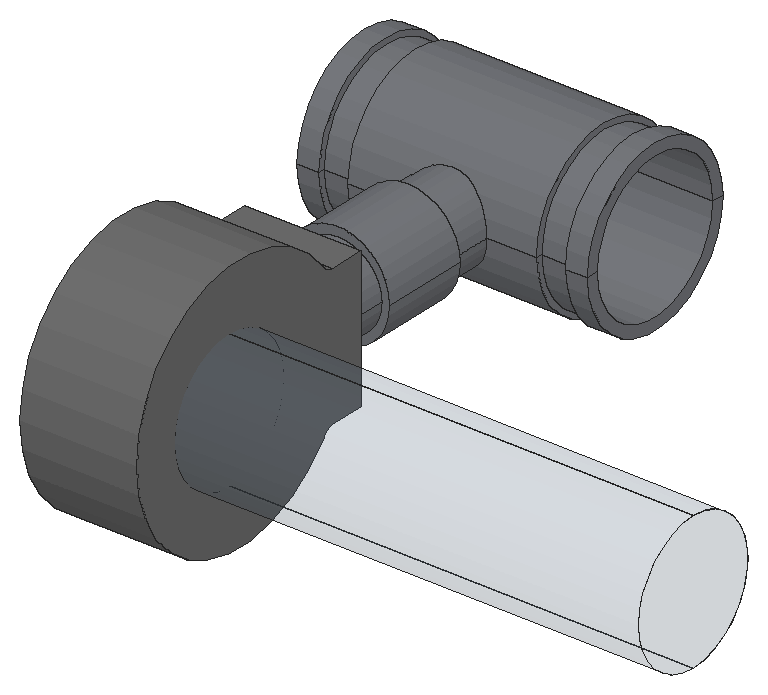
Revit family "MECON Turbo-Lux 3", category Rohrzubehör, Revit 2023
Family settings
  Bemaßung runder Anschluss = Radius verwenden
  Teiletyp = Ventil - Zerlegung in
  OmniClass-Nummer = 23.60.10.17
  OmniClass-Titel = Flow Meters
  Arbeitsebenenbasiert = Nein
  Immer vertikal = Ja
  Beim Laden mit Abzugskörper schneiden = Nein
  Gemeinsam genutzt = Nein
Parameters (values of type "2"/ DN 50, 50 USgpm (ø60.3 mm)")
  l2 [instance] = 151.00 mm
  iVdS = yes
  iR1 = Nominal_Radius + 4.00 mm  # 29.00 mm
  iLPCB = yes
  iFd [instance] = not(Toggle Flow Direction)  # yes
  iFM = 1 = 1  # yes
  iD2 = Nominal_Diameter / 2 + 90.00 mm  # 115.00 mm
  iD [instance] = 0.00 mm  # constant formula
  iA1 [instance] = if(Angle > 360.00°, 360.00°, if(Angle < 0.00°, 0.00°, Angle))  # 90.00°
  Website Product = "https://www.mecon.de/en/orifice-flow-meters/turbo-lux-3/"
  Vorgabe-Ansicht = 0.00 mm
  VdS approved [instance] = iVdS  # yes
  VdS Approval = "https://www.mecon.de/files/daten/downloads/en/Turbo-Lux-3-VdS-Certificate.pdf"
  URL = "https://www.mecon.de/en"
  Typenkommentare = "2\"/ DN 50, 50 gpm (ø60.3 mm) FM/LPCP/VdS"
  Toggle Flow Direction [instance] = no
  Technical Data Sheet = "https://www.mecon.de/files/daten/downloads/en/%20Turbo-Lux-3-Technical-Data-Sheet.pdf"
  Tag-No. [instance] = ""
  Serial Number [instance] = ""
  RVTversion [instance] = "2017"  # constant formula
  Order Code = "7ME5835-0AA00-0EB0"
  Operating Manual = "https://www.mecon.de/files/daten/downloads/en/Turbo-Lux-3-Manual.pdf"
  Nominal_Radius = Nominal_Diameter / 2  # 25 mm
  Nominal_Diameter = 50 mm
  Modell = "2\"/ DN 50 for pump rate 50 gpm (ø 60,3 mm) with FM, LPCB and VdS approval"
  LPCB approved [instance] = iLPCB  # yes
  LPCB Certificate = "https://www.mecon.de/files/daten/downloads/en/Turbo-Lux-3-LPCB-Certificate.pdf"
  Index [instance] = "20200330"  # constant formula
  IfcExportType = "FLOWMETER"  # constant formula
  IfcExportAs = "IfcFlowMeter"  # constant formula
  Hersteller = "MECON GmbH, Röntgenstraße 105, 50169 Kerpen, Germany"  # constant formula
  Grey = Metal - grey
  Glass = Glass-
  Flow Range = "75 - 375 l/min / 20 - 100 USgpm"
  FM approved [instance] = iFM  # yes
  FM Certificate = "https://www.mecon.de/files/daten/downloads/en/Turbo-Lux-3-FM-Certificate.pdf"
  Druckverlust [instance] = 0.0 Pa
  Download Test Certificate = "https://download.mecon.de/downloads-en"
  Display_Couplings [instance] = no
  Delivery Time = "in stock"  # constant formula
  Build in Length = 100.00 mm
  Dark Grey = Metal - RAL7024
  Black = Metal - black
  Approval = "FM, LPCB,VdS"
  Angle [instance] = 90.00°
Types (25, lengths in mm): name | iVdS | iR1 | iLPCB | iD2 | VdS approved | VdS Approval | Typenkommentare | Order Code | Nominal_Radius | Nominal_Diameter | Modell | LPCB approved | LPCB Certificate | Flow Range | Build in Length | Approval
  6"/ DN 150, 1000 USgpm (ø165.1 mm) | yes | 79.00 | yes | 165.00 | yes | "https://www.mecon.de/files/daten/downloads/en/Turbo-Lux-3-VdS-Certificate.pdf" | "6\"/ DN  150, 1000 gpm (ø165.1 mm) FM/LPCP/VdS" | "7ME5835-0AA00-0XM0" | 75 | 150 | "6\"/ DN  150 for pump rate 1000 gpm (ø 165,1 mm) with FM, LPCB and VdS approval" | yes | "https://www.mecon.de/files/daten/downloads/en/Turbo-Lux-3-LPCB-Certificate.pdf" | "1500 - 7500 l/min / 400 - 2000 USgpm" | 200.00 | "FM, LPCB,VdS"
  6"/ DN 150, 750 USgpm (ø165.1 mm) | yes | 79.00 | yes | 165.00 | yes | "https://www.mecon.de/files/daten/downloads/en/Turbo-Lux-3-VdS-Certificate.pdf" | "6\"/ DN  150, 750 gpm (ø165.1 mm) FM/LPCP/VdS" | "7ME5835-0AA00-0XL0" | 75 | 150 | "6\"/ DN  150 for pump rate 750 gpm (ø 165,1 mm) with FM, LPCB and VdS approval" | yes | "https://www.mecon.de/files/daten/downloads/en/Turbo-Lux-3-LPCB-Certificate.pdf" | "1130 - 5650 l/min / 300 - 1500 USgpm" | 200.00 | "FM, LPCB,VdS"
  6"/ DN 150, 500 USgpm (ø165.1 mm) | yes | 79.00 | yes | 165.00 | yes | "https://www.mecon.de/files/daten/downloads/en/Turbo-Lux-3-VdS-Certificate.pdf" | "6\"/ DN  150, 500 gpm (ø165.1 mm) FM/LPCP/VdS" | "7ME5835-0AA00-0XK0" | 75 | 150 | "6\"/ DN  150 for pump rate 500 gpm (ø 165,1 mm) with FM, LPCB and VdS approval" | yes | "https://www.mecon.de/files/daten/downloads/en/Turbo-Lux-3-LPCB-Certificate.pdf" | "760 - 3800 l/min / 200 - 1000 USgpm" | 200.00 | "FM, LPCB,VdS"
  6"/ DN 150, 1000 USgpm (ø168.3 mm) | yes | 79.00 | yes | 165.00 | yes | "https://www.mecon.de/files/daten/downloads/en/Turbo-Lux-3-VdS-Certificate.pdf" | "6\"/ DN  150, 1000 gpm (ø168.3 mm) FM/LPCP/VdS" | "7ME5835-0AA00-0KM0" | 75 | 150 | "6\"/ DN  150 for pump rate 1000 gpm (ø 168,3 mm) with FM, LPCB and VdS approval" | yes | "https://www.mecon.de/files/daten/downloads/en/Turbo-Lux-3-LPCB-Certificate.pdf" | "1500 - 7500 l/min / 400 - 2000 USgpm" | 200.00 | "FM, LPCB,VdS"
  6"/ DN 150, 750 USgpm (ø168.3 mm) | yes | 79.00 | yes | 165.00 | yes | "https://www.mecon.de/files/daten/downloads/en/Turbo-Lux-3-VdS-Certificate.pdf" | "6\"/ DN  150, 750 gpm (ø168.3 mm) FM/LPCP/VdS" | "7ME5835-0AA00-0KL0" | 75 | 150 | "6\"/ DN  150 for pump rate 750 gpm (ø 168,3 mm) with FM, LPCB and VdS approval" | yes | "https://www.mecon.de/files/daten/downloads/en/Turbo-Lux-3-LPCB-Certificate.pdf" | "1130 - 5650 l/min / 300 - 1500 USgpm" | 200.00 | "FM, LPCB,VdS"
  6"/ DN 150, 500 USgpm (ø168.3 mm) | yes | 79.00 | yes | 165.00 | yes | "https://www.mecon.de/files/daten/downloads/en/Turbo-Lux-3-VdS-Certificate.pdf" | "6\"/ DN  150, 500 gpm (ø168.3 mm) FM/LPCP/VdS" | "7ME5835-0AA00-0KK0" | 75 | 150 | "6\"/ DN  150 for pump rate 500 gpm (ø 168,3 mm) with FM, LPCB and VdS approval" | yes | "https://www.mecon.de/files/daten/downloads/en/Turbo-Lux-3-LPCB-Certificate.pdf" | "760 - 3800 l/min / 200 - 1000 USgpm" | 200.00 | "FM, LPCB,VdS"
  4"/ DN 100, 450 USgpm (ø114.3 mm) | yes | 54.00 | yes | 140.00 | yes | "https://www.mecon.de/files/daten/downloads/en/Turbo-Lux-3-VdS-Certificate.pdf" | "4\"/ DN  100, 450 gpm (ø114.3 mm) FM/LPCP/VdS" | "7ME5835-0AA00-0HJ0" | 50 | 100 | "4\"/ DN  100 for pump rate 450 gpm (ø 114,3 mm) with FM, LPCB and VdS approval" | yes | "https://www.mecon.de/files/daten/downloads/en/Turbo-Lux-3-LPCB-Certificate.pdf" | "680 - 3400 l/min / 180 - 900 USgpm" | 100.00 | "FM, LPCB,VdS"
  4"/ DN 100, 400 USgpm (ø114.3 mm) | yes | 54.00 | yes | 140.00 | yes | "https://www.mecon.de/files/daten/downloads/en/Turbo-Lux-3-VdS-Certificate.pdf" | "4\"/ DN  100, 400 gpm (ø114.3 mm) FM/LPCP/VdS" | "7ME5835-0AA00-0HH0" | 50 | 100 | "4\"/ DN  100 for pump rate 400 gpm (ø 114,3 mm) with FM, LPCB und VdS approval" | yes | "https://www.mecon.de/files/daten/downloads/en/Turbo-Lux-3-LPCB-Certificate.pdf" | "600 - 3000 l/min / 160 - 800 USgpm" | 100.00 | "FM, LPCB,VdS"
  4"/ DN 100, 300 USgpm (ø114.3 mm) | yes | 54.00 | yes | 140.00 | yes | "https://www.mecon.de/files/daten/downloads/en/Turbo-Lux-3-VdS-Certificate.pdf" | "4\"/ DN  100, 300 gpm (ø114.3 mm) FM/LPCP/VdS" | "7ME5835-0AA00-0HG0" | 50 | 100 | "4\"/ DN  100 for pump rate 300 gpm (ø 114,3 mm) with FM, LPCB and VdS approval" | yes | "https://www.mecon.de/files/daten/downloads/en/Turbo-Lux-3-LPCB-Certificate.pdf" | "460 - 2300 l/min / 120 - 600 USgpm" | 100.00 | "FM, LPCB,VdS"
  3"/ DN 80, 200 USgpm (ø88.9 mm) | yes | 44.00 | yes | 130.00 | yes | "https://www.mecon.de/files/daten/downloads/en/Turbo-Lux-3-VdS-Certificate.pdf" | "3\"/ DN 80 200 gpm (ø88.9 mm) FM/LPCP/VdS" | "7ME5835-0AA00-0GE0" | 40 | 80 | "3\"/ DN 80 for pump rate 200 gpm (ø 88,9 mm) with FM, LPCB and VdS approval" | yes | "https://www.mecon.de/files/daten/downloads/en/Turbo-Lux-3-LPCB-Certificate.pdf" | "300 - 1500 l/min / 80 - 400 USgpm" | 100.00 | "FM, LPCB,VdS"
  3"/ DN 80, 150 USgpm (ø88.9 mm) | yes | 44.00 | yes | 130.00 | yes | "https://www.mecon.de/files/daten/downloads/en/Turbo-Lux-3-VdS-Certificate.pdf" | "3\"/ DN 80, 150 gpm (ø88.9 mm) FM/LPCP/VdS" | "7ME5835-0AA00-0GD0" | 40 | 80 | "3\"/ DN 80 for pump rate 150 gpm (ø 88,9 mm) with FM, LPCB and VdS approval" | yes | "https://www.mecon.de/files/daten/downloads/en/Turbo-Lux-3-LPCB-Certificate.pdf" | "220 - 1100 l/min / 60 - 300 USgpm" | 100.00 | "FM, LPCB,VdS"
  2½"/ DN 65, 100 USgpm (ø73.0 mm) | no | 36.50 | no | 122.50 | no | "" | "2½\"/ DN 65, 100 gpm (ø73.0 mm) FM" | "7ME5835-0AA00-0UC0" | 32.5 | 65 | "2½\"/ DN 65 for pump rate 100 gpm (ø 73,0 mm) with FM approval" | no | "" | "150 - 750 l/min / 40 - 200 USgpm" | 100.00 | "FM"
  2½"/ DN 65, 100 USgpm (ø76.1 mm) | yes | 36.50 | yes | 122.50 | yes | "https://www.mecon.de/files/daten/downloads/en/Turbo-Lux-3-VdS-Certificate.pdf" | "2½\"/ DN 65, 100 gpm (ø76.1 mm)  FM/LPCP/VdS" | "7ME5835-0AA00-0FC0" | 32.5 | 65 | "2½\"/ DN 65 for pump rate 100 gpm (ø 76,1 mm)  with FM, LPCB and VdS approval" | yes | "https://www.mecon.de/files/daten/downloads/en/Turbo-Lux-3-LPCB-Certificate.pdf" | "150 - 750 l/min / 40 - 200 USgpm" | 100.00 | "FM, LPCB,VdS"
  2"/ DN 50, 50 USgpm (ø60.3 mm) | yes | 29.00 | yes | 115.00 | yes | "https://www.mecon.de/files/daten/downloads/en/Turbo-Lux-3-VdS-Certificate.pdf" | "2\"/ DN 50, 50 gpm (ø60.3 mm) FM/LPCP/VdS" | "7ME5835-0AA00-0EB0" | 25 | 50 | "2\"/ DN 50 for pump rate 50 gpm (ø 60,3 mm) with FM, LPCB and VdS approval" | yes | "https://www.mecon.de/files/daten/downloads/en/Turbo-Lux-3-LPCB-Certificate.pdf" | "75 - 375 l/min / 20 - 100 USgpm" | 100.00 | "FM, LPCB,VdS"
  4"/ DN 100, 250 USgpm (ø114.3 mm) | yes | 54.00 | yes | 140.00 | yes | "https://www.mecon.de/files/daten/downloads/en/Turbo-Lux-3-VdS-Certificate.pdf" | "4\" / DN 100, 250 gpm (ø114.3 mm) FM/LPCP/VdS" | "7ME5835-0AA00-0HF0" | 50 | 100 | "4\"/ DN  100 for pump rate 250 gpm (ø 114,3 mm) with FM, LPCB and VdS approval" | yes | "https://www.mecon.de/files/daten/downloads/en/Turbo-Lux-3-LPCB-Certificate.pdf" | "380 - 1900 l/min / 100 - 500 USgpm" | 100.00 | "FM, LPCB,VdS"
  6"/ DN 150, 1250 USgpm (ø168.3 mm) | yes | 79.00 | yes | 165.00 | yes | "https://www.mecon.de/files/daten/downloads/en/Turbo-Lux-3-VdS-Certificate.pdf" | "6\"/ DN  150, 1250 gpm (ø168.3 mm) FM/LPCP/VdS" | "7ME5835-0AA00-0KN0" | 75 | 150 | "6\"/ DN  150 for pump rate 1250 gpm (ø 168,3 mm) with FM, LPCB and VdS approval" | yes | "https://www.mecon.de/files/daten/downloads/en/Turbo-Lux-3-LPCB-Certificate.pdf" | "1900 - 9500 l/min / 500 - 2500 USgpm" | 200.00 | "FM, LPCB,VdS"
  6"/ DN 150, 1250 USgpm (ø165.1 mm) | yes | 79.00 | yes | 165.00 | yes | "https://www.mecon.de/files/daten/downloads/en/Turbo-Lux-3-VdS-Certificate.pdf" | "6\"/ DN  150, 1250 gpm (ø165.1 mm) FM/LPCP/VdS" | "7ME5835-0AA00-0XN0" | 75 | 150 | "6\"/ DN  150 for pump rate 1250 gpm (ø 165,1 mm) with FM, LPCB and VdS approval" | yes | "https://www.mecon.de/files/daten/downloads/en/Turbo-Lux-3-LPCB-Certificate.pdf" | "1900 - 9500 l/min / 500 - 2500 USgpm" | 200.00 | "FM, LPCB,VdS"
  8"/ DN 200, 1500 USgpm (ø219.1 mm) | yes | 104.00 | yes | 190.00 | yes | "https://www.mecon.de/files/daten/downloads/en/Turbo-Lux-3-VdS-Certificate.pdf" | "8\"/ DN  200, 1500 gpm (ø219.1 mm) FM/LPCP/VdS" | "7ME5835-0AA00-0LP0" | 100 | 200 | "8\"/ DN  200 for pump rate 1500 gpm (ø 219,1 mm) with FM, LPCB and VdS approval" | yes | "https://www.mecon.de/files/daten/downloads/en/Turbo-Lux-3-LPCB-Certificate.pdf" | "2200 - 11000 l/min / 600 - 3000 USgpm" | 200.00 | "FM, LPCB,VdS"
  8"/ DN 200, 2000 USgpm (ø219.1 mm) | yes | 104.00 | yes | 190.00 | yes | "https://www.mecon.de/files/daten/downloads/en/Turbo-Lux-3-VdS-Certificate.pdf" | "8\"/ DN  200, 2000 gpm (ø219.1 mm) FM/LPCP/VdS" | "7ME5835-0AA00-0LQ0" | 100 | 200 | "8\"/ DN  200 for pump rate 2000 gpm (ø 219,1 mm) with FM, LPCB and VdS approval" | yes | "https://www.mecon.de/files/daten/downloads/en/Turbo-Lux-3-LPCB-Certificate.pdf" | "3000 - 15000 l/min / 800 - 4000 USgpm" | 200.00 | "FM, LPCB,VdS"
  8"/ DN 200, 2500 USgpm (ø219.1 mm) | yes | 104.00 | yes | 190.00 | yes | "https://www.mecon.de/files/daten/downloads/en/Turbo-Lux-3-VdS-Certificate.pdf" | "8\"/ DN  200, 2500 gpm (ø219.1 mm) FM/LPCP/VdS" | "7ME5835-0AA00-0LR0" | 100 | 200 | "8\"/ DN  200 for pump rate 2500 gpm (ø 219,1 mm) with FM, LPCB and VdS approval" | yes | "https://www.mecon.de/files/daten/downloads/en/Turbo-Lux-3-LPCB-Certificate.pdf" | "3800 - 19000 l/min / 1000 - 5000 USgpm" | 200.00 | "FM, LPCB,VdS"
  8"/ DN 200, 3000 USgpm (ø219.1 mm) | yes | 104.00 | yes | 190.00 | yes | "https://www.mecon.de/files/daten/downloads/en/Turbo-Lux-3-VdS-Certificate.pdf" | "8\"/ DN  200, 3000 gpm (ø219.1 mm) FM/LPCP/VdS" | "7ME5835-0AA00-0LS0" | 100 | 200 | "8\"/ DN  200 for pump rate 3000 gpm (ø 219,1 mm) with FM, LPCB and VdS approval" | yes | "https://www.mecon.de/files/daten/downloads/en/Turbo-Lux-3-LPCB-Certificate.pdf" | "4500 - 22500 l/min / 1200 - 6000 USgpm" | 200.00 | "FM, LPCB,VdS"
  10"/ DN 250, 3500 USgpm (ø273.0 mm) | no | 129.00 | no | 215.00 | no | "" | "10\"/ DN  250, 3500 gpm (ø273.0 mm) FM" | "7ME5835-0AA00-0MT0" | 125 | 250 | "10\"/ DN  250 for pump rate 3500 gpm (ø 273,0 mm) with FM approval" | no | "" | "5300 - 26500 l/min / 1400 - 7000 USgpm" | 200.00 | "FM"
  10"/ DN 250, 4000 USgpm (ø273.0 mm) | no | 129.00 | no | 215.00 | no | "" | "10\"/ DN  250, 4000 gpm (ø273.0 mm) FM" | "7ME5835-0AA00-0MU0" | 125 | 250 | "10\"/ DN  250 for pump rate 4000 gpm (ø 273,0 mm) with FM approval" | no | "" | "6000 - 30000 l/min / 1600 - 8000 USgpm" | 200.00 | "FM"
  10"/ DN 250, 4500 USgpm (ø273.0 mm) | no | 129.00 | no | 215.00 | no | "" | "10\"/ DN  250, 4500 gpm (ø273.0 mm) FM" | "7ME5835-0AA00-0MV0" | 125 | 250 | "10\"/ DN  250 for pump rate 4500 gpm (ø 273,0 mm) with FM approval" | no | "" | "6800 - 34000 l/min / 1800 - 9000 USgpm" | 200.00 | "FM"
  12"/ DN 300, 5000 USgpm (ø323.9 mm) | no | 154.00 | no | 240.00 | no | "" | "12\"/ DN  300, 5000 gpm (ø323.9 mm) FM" | "7ME5835-0AA00-0NW0" | 150 | 300 | "12\"/ DN  300 for pump rate 5000 gpm (ø 323,9 mm) with FM approval" | no | "" | "7600 - 38000 l/min / 2000 - 10000 USgpm" | 200.00 | "FM"
Reference planes
  plane 1 "Mitte (Vorne/hinten)": y = 0
  plane 2: z = 0
  plane 3 "Mitte (Links/rechts)": x = 0
  plane 4 "connL": x = -50
  plane 5 "connR": x = 50
  plane 6: x = -50
  plane 7: x = 50
  plane 8: y = -89
  plane 9 "iR1": y = -29
  plane 10: y = -25
  plane 11: y = -44
  plane 12: y = -74
  plane 13: y = 25
  plane 14: y = -115
  plane 15: y = 115
  plane 16: y = 411.757
  plane 17: y = 100
  plane 18: y = 115
  plane 19: y = -115
Forms (mm)
  Extrusion 1, solid, material "Metal - RAL7024" <- "Dark Grey", detail levels fine
    sketch origin (0, -29, 0) x (-1, 0, 0) y (0, 0, 1)
      loop
        circle (0, 0) r 15
    from 4 to -60
  Extrusion 2, solid, material "Metal - RAL7024" <- "Dark Grey", detail levels fine
    sketch origin (0, -29, 0) x (-1, 0, 0) y (0, 0, 1)
      loop
        circle (0, 0) r 18
    from -45 to -15
  Revolve 3, solid, material "Metal - RAL7024" <- "Dark Grey", detail levels fine
    sketch origin (0, 0, 0) x (1, 0, 0) y (0, 1, 0)
      loop
        line (-50, 29) -> (-50, 25) -> (50, 25) -> (50, 29) -> (42.5, 29) -> (42.5, 27) -> (32.5, 27) -> (32.5, 29) -> (-32.5, 29) -> (-32.5, 27) -> (-42.5, 27) -> (-42.5, 29) -> (-50, 29)
      axis (50, 0) -> (-50, 0)
    angle from 0 to 360
Lines and regions (mm)
  symbolic lines, style "Flow Direction Symbol", visible <- "Toggle Flow Direction"
    curve 1: line (0, -122.5, 0) -> (0, -107.5, 0)
    curve 9: line (0, -122.5, 0) -> (-30, -122.5, 0)
    curve 10: line (-30, -132.5, 0) -> (-47.5, -115, 0)
    curve 11: line (-30, -122.5, 0) -> (-30, -132.5, 0)
    curve 12: line (0, -107.5, 0) -> (-30, -107.5, 0)
    curve 13: line (-30, -97.5, 0) -> (-47.5, -115, 0)
    curve 14: line (-30, -107.5, 0) -> (-30, -97.5, 0)
  symbolic lines, style "Flow Direction Symbol", visible <- "iFd"
    curve 2: line (0, -122.5, 0) -> (30, -122.5, 0)
    curve 3: line (30, -132.5, 0) -> (47.5, -115, 0)
    curve 4: line (30, -122.5, 0) -> (30, -132.5, 0)
    curve 5: line (0, -107.5, 0) -> (30, -107.5, 0)
    curve 6: line (30, -97.5, 0) -> (47.5, -115, 0)
    curve 7: line (30, -107.5, 0) -> (30, -97.5, 0)
    curve 8: line (0, -122.5, 0) -> (0, -107.5, 0)
  model lines, style "Flow Direction Symbol"
    curve 15: line (0, 107.5, 0) -> (0, 122.5, 0)
  model lines, style "Flow Direction Symbol", visible <- "iFd"
    curve 16: line (0, 107.5, 0) -> (30, 107.5, 0)
    curve 17: line (30, 97.5, 0) -> (47.5, 115, 0)
    curve 18: line (30, 107.5, 0) -> (30, 97.5, 0)
    curve 19: line (0, 122.5, 0) -> (30, 122.5, 0)
    curve 20: line (30, 132.5, 0) -> (47.5, 115, 0)
    curve 21: line (30, 122.5, 0) -> (30, 132.5, 0)
  model lines, style "Flow Direction Symbol", visible <- "Toggle Flow Direction"
    curve 22: line (0, 107.5, 0) -> (0, 122.5, 0)
    curve 23: line (0, 107.5, 0) -> (-30, 107.5, 0)
    curve 24: line (-30, 97.5, 0) -> (-47.5, 115, 0)
    curve 25: line (-30, 107.5, 0) -> (-30, 97.5, 0)
    curve 26: line (0, 122.5, 0) -> (-30, 122.5, 0)
    curve 27: line (-30, 132.5, 0) -> (-47.5, 115, 0)
    curve 28: line (-30, 122.5, 0) -> (-30, 132.5, 0)
  model lines, style "Flow Direction Symbol", not visible
    curve 29: line (0, 419.257, 100) -> (0, 404.257, 100)
  model lines, style "Flow Direction Symbol", visible <- "iFd", not visible
    curve 30: line (0, 419.257, 100) -> (30, 419.257, 100)
    curve 31: line (30, 429.257, 100) -> (47.5, 411.757, 100)
    curve 32: line (30, 419.257, 100) -> (30, 429.257, 100)
    curve 33: line (0, 404.257, 100) -> (30, 404.257, 100)
    curve 34: line (30, 394.257, 100) -> (47.5, 411.757, 100)
    curve 35: line (30, 404.257, 100) -> (30, 394.257, 100)
  model lines, style "Flow Direction Symbol", visible <- "Toggle Flow Direction", not visible
    curve 36: line (0, 419.257, 100) -> (0, 404.257, 100)
    curve 37: line (0, 419.257, 100) -> (-30, 419.257, 100)
    curve 38: line (-30, 429.257, 100) -> (-47.5, 411.757, 100)
    curve 39: line (-30, 419.257, 100) -> (-30, 429.257, 100)
    curve 40: line (0, 404.257, 100) -> (-30, 404.257, 100)
    curve 41: line (-30, 394.257, 100) -> (-47.5, 411.757, 100)
    curve 42: line (-30, 404.257, 100) -> (-30, 394.257, 100)
  symbolic lines, style "Flow Direction Symbol", visible <- "Toggle Flow Direction", not visible
    curve 43: line (380, 92.5, 0) -> (380, 107.5, 0)
    curve 51: line (380, 92.5, 0) -> (350, 92.5, 0)
    curve 52: line (350, 82.5, 0) -> (332.5, 100, 0)
    curve 53: line (350, 92.5, 0) -> (350, 82.5, 0)
    curve 54: line (380, 107.5, 0) -> (350, 107.5, 0)
    curve 55: line (350, 117.5, 0) -> (332.5, 100, 0)
    curve 56: line (350, 107.5, 0) -> (350, 117.5, 0)
  symbolic lines, style "Flow Direction Symbol", visible <- "iFd", not visible
    curve 44: line (380, 92.5, 0) -> (410, 92.5, 0)
    curve 45: line (410, 82.5, 0) -> (427.5, 100, 0)
    curve 46: line (410, 92.5, 0) -> (410, 82.5, 0)
    curve 47: line (380, 107.5, 0) -> (410, 107.5, 0)
    curve 48: line (410, 117.5, 0) -> (427.5, 100, 0)
    curve 49: line (410, 107.5, 0) -> (410, 117.5, 0)
    curve 50: line (380, 92.5, 0) -> (380, 107.5, 0)
Dimensions and locks
  equal spacing: plane 4 "connL", plane 3 "Mitte (Links/rechts)", plane 5 "connR"
  equal spacing: plane 6, plane 3 "Mitte (Links/rechts)", plane 7
  "Build in Length": plane 6 to plane 7
  "iD": plane 4 "connL" to plane 6
  locked: plane 9 "iR1" to plane 8 at 60
  "iR1": plane 9 "iR1" to plane 1 "Mitte (Vorne/hinten)"
  locked: plane 9 "iR1" to plane 10 at 4
  locked: plane 9 "iR1" to plane 11 at 15
  locked: plane 12 to plane 11 at 30
  plane 3 "Mitte (Links/rechts)" to plane 7 = 50.00 mm
  locked: plane 12 to nested 1 at 15
  locked: Revolve 3 sketch curve to Revolve 3 sketch curve at 4
  locked: Revolve 3 sketch curve to Revolve 3 sketch curve at 2
  "Nominal_Radius": plane 13 to plane 1 "Mitte (Vorne/hinten)"
  "iD2": plane 18 to plane 1 "Mitte (Vorne/hinten)"
  "iD2": plane 1 "Mitte (Vorne/hinten)" to plane 19
  "Angle": angle plane 3 "Mitte (Links/rechts)" to nested 1
  aligned and locked: level to plane 2
  aligned and locked: nested 1 to plane 8
  aligned and locked: Extrusion 1 to plane 8
  aligned and locked: plane 10 to Extrusion 1
  aligned and locked: plane 3 "Mitte (Links/rechts)" to nested 2
  aligned and locked: nested 2 to level
  aligned and locked: plane 1 "Mitte (Vorne/hinten)" to nested 2
  aligned and locked: Extrusion 2 to plane 12
  aligned and locked: Extrusion 2 to plane 11
  aligned and locked: plane 3 "Mitte (Links/rechts)" to nested 1
  aligned and locked: level to nested 1
  aligned and locked: plane 1 "Mitte (Vorne/hinten)" to nested 4
  aligned and locked: plane 6 to nested 4
  aligned and locked: plane 7 to nested 5
  aligned and locked: Revolve 3 to plane 6
  aligned and locked: Revolve 3 to plane 7
  aligned and locked: plane 13 to Revolve 3 sketch curve
  aligned and locked: Revolve 3 sketch curve to Revolve 3 sketch curve  (x2)
  aligned and locked: plane 15 to plane 18
  aligned and locked: plane 19 to plane 14
  aligned and locked: plane 3 "Mitte (Links/rechts)" to curve 8
  aligned and locked: nested 3 to curve 22
Automatic sketch dimensions
  Extrusion 1 sketch curve to level = 0.00 mm
  Extrusion 1 sketch curve to plane 3 "Mitte (Links/rechts)" = 0.00 mm
  Extrusion 2 sketch curve to level = 0.00 mm
  Extrusion 2 sketch curve to plane 3 "Mitte (Links/rechts)" = 0.00 mm
  Revolve 3 sketch curve to plane 1 "Mitte (Vorne/hinten)" = 0.00 mm
  Revolve 3 sketch curve to plane 4 "connL" = 0.00 mm
  Revolve 3 sketch curve to plane 5 "connR" = 0.00 mm
  Revolve 3 sketch curve to Revolve 3 sketch curve = 7.50 mm
  Revolve 3 sketch curve to Revolve 3 sketch curve = 10.00 mm  (x2)
  Revolve 3 sketch curve to plane 5 "connR" = 17.50 mm
  plane 4 "connL" to Revolve 3 sketch curve = 1950.00 mm
  plane 5 "connR" to Revolve 3 sketch curve = 1950.00 mm
  plane 13 to Revolve 3 sketch curve = 2.00 mm
  radius of Extrusion 1 sketch curve = 15.00 mm
  radius of Extrusion 2 sketch curve = 18.00 mm
Nested families
  nested 1: "Bypass Meter" at (0, -89, 0) x (0, 0, 1) z (-1, 0, 0), Black <- "Black", Grey <- "Grey", Glass <- "Glass", type "mecon", detail levels fine
    with Grey Metal - grey, Glass Glass-, Black Metal - black
  nested 2: "MeterFlowSymbol" at (0, 0, 0), type "MeterFlowSymbol", detail levels coarse+medium
  nested 3: "MeterFlowSymbol2D" at (0, 0, 0), type "MeterFlowSymbol2D", detail levels coarse+medium
  nested 4: "Coupling" at (-50, 0, 0), Nominal_Diameter <- "Nominal_Diameter", visible <- "Display_Couplings", Grey <- "Grey", type "Coupling", detail levels fine
    with iRa 49.00 mm, iR 29.00 mm, iL 50.00 mm, iDn 45.00 mm, iD 20.00 mm, Nominal_Radius 25 mm, Nominal_Diameter 50 mm, built-in parameter 1114238 (empty or 0), Grey Metal - grey
  nested 5: "Coupling" at (50, 0, 0), Nominal_Diameter <- "Nominal_Diameter", visible <- "Display_Couplings", Grey <- "Grey", type "Coupling", detail levels fine
    with iRa 49.00 mm, iR 29.00 mm, iL 50.00 mm, iDn 45.00 mm, iD 20.00 mm, Nominal_Radius 25 mm, Nominal_Diameter 50 mm, built-in parameter 1114238 (empty or 0), Grey Metal - grey
Connectors
  piping at (-50, 0, 0), diameter 50, driven by "Nominal_Radius"
    settings: index 4, connector inside diameter 609.6 mm, connector length 0.00 mm, flow factor 0, pipe flow 0.0 L/s, pressure drop 0.0 Pa, fitting loss kfactor 0, connector angle 0.00°, fixture units 0, engagement length 0.00 mm, angle of deflection 0.00°, flow configuration 0, flow direction 0, fitting loss method 0, system type 29, joint type 0, gender type 0, connector reference index 5, connector utility 0, adjustable connector no, is connector primary yes, connector description ""
  piping at (50, 0, 0), diameter 50, driven by "Nominal_Radius"
    settings: index 5, connector inside diameter 609.6 mm, connector length 0.00 mm, flow factor 0, pipe flow 0.0 L/s, pressure drop 0.0 Pa, fitting loss kfactor 0, connector angle 0.00°, fixture units 0, engagement length 0.00 mm, angle of deflection 0.00°, flow configuration 0, flow direction 0, fitting loss method 0, system type 29, joint type 0, gender type 0, connector reference index 4, connector utility 0, adjustable connector no, is connector primary no, connector description ""
Definition of nested family "Bypass Meter"
  Parameters (values of type "mecon")
    Default Elevation = 0.00 mm
    Order Code = "7ME5834-0AB00-0AA0"  # constant formula
    Grey [instance] = none
    Glass [instance] = none
    Black [instance] = none
  Reference planes
    plane 1 "Mitte (Vorne/hinten)": y = 0
    plane 2: z = 0
    plane 3 "Mitte (Links/rechts)": x = 0
    plane 4: z = -20
    plane 5: x = 0.057
  Forms (mm)
    Extrusion 1, solid, material <- "Black"
      sketch origin (0, 0, 0) x (1, 0, 0) y (0, 1, 0)
        loop
          line (24.057, 0) -> (0.057, 0) -> (-24.057, 0) -> (-24.057, -12.023)
          arc (-24.057, -12.023) -> (-24.628, -14.406) -> (-26.217, -16.271) r 5.258
          arc (-26.217, -16.271) -> (0, -96.728) -> (26.217, -16.271) r 44.5
          arc (26.217, -16.271) -> (24.628, -14.406) -> (24.057, -12.023) r 5.258
          line (24.057, -12.023) -> (24.057, 0)
      from 20 to -20
    Extrusion 2, solid, material <- "Glass"
      sketch origin (0, 0, 0) x (1, 0, 0) y (0, 1, 0)
        loop
          circle (0, -56.845) r 23.5
      from -180 to -20
  Lines and regions (mm)
    model lines
      curve 1: line (0, -16.963, 0) -> (0, -96.728, 0)
  Dimensions and locks
    Extrusion 1 to plane 3 "Mitte (Links/rechts)" = 24.057 mm
    level to plane 4 = 20.00 mm
    level to Extrusion 2 = 180.00 mm
    aligned and locked: level to plane 2
    aligned and locked: plane 5 to Extrusion 1
Definition of nested family "Coupling"
  Parameters (values of type "Coupling")
    iR [instance] = Nominal_Radius + 4.00 mm  # 54.00 mm
    iRa [instance] = iR + iD  # 74.00 mm
    iL [instance] = 50.00 mm
    iDn [instance] = 45.00 mm
    iD [instance] = 20.00 mm
    Nominal_Radius [instance] = Nominal_Diameter / 2  # 50 mm
    Nominal_Diameter [instance] = 100 mm
    built-in parameter 1114238 [instance] = (empty or 0)
    Index = "20200131"  # constant formula
    Grey [instance] = none
    Default Elevation = 1200.00 mm
  Reference planes
    plane 1 "Mitte (Vorne/hinten)": y = 0
    plane 2: z = 0
    plane 3 "Mitte (Links/rechts)": x = 0
    plane 4: x = -25
    plane 5: x = 25
    plane 6: y = 74
    plane 7: y = 54
    plane 8: y = -54
    plane 9: y = -74
    plane 10: z = 22.5
    plane 11: z = -22.5
    plane 12: y = 94
    plane 13: y = -94
  Forms (mm)
    Extrusion 1, solid, material <- "Grey"
      sketch origin (0, 0, 0) x (0, 1, 0) y (0, 0, 1)
        loop
          circle (0, 0) r 74
        loop
          circle (0, 0) r 54
      from -25 to 25
    Extrusion 2, solid, material <- "Grey"
      sketch origin (0, 0, 0) x (1, 0, 0) y (0, 1, 0)
        loop
          line (-25, 54) -> (25, 54) -> (25, 94)
          arc (25, 94) -> (0, 119) -> (-25, 94) r 25
          line (-25, 94) -> (-25, 54)
        loop
          line (-25, -54) -> (-25, -94)
          arc (-25, -94) -> (0, -119) -> (25, -94) r 25
          line (25, -94) -> (25, -54) -> (-25, -54)
      from -22.5 to 22.5
  Cuts and joins
    joined: Extrusion 1, Extrusion 2
  Dimensions and locks
    "iL": plane 4 to plane 5
    equal spacing: plane 4, plane 3 "Mitte (Links/rechts)", plane 5
    "iD": plane 6 to plane 7
    "iD": plane 8 to plane 9
    "iR": plane 7 to plane 1 "Mitte (Vorne/hinten)"
    "iR": plane 8 to plane 1 "Mitte (Vorne/hinten)"
    equal spacing: plane 10, level, plane 11
    "iDn": plane 10 to plane 11
    locked: plane 12 to plane 6 at 20
    locked: plane 9 to plane 13 at 20
    "iR": radius of Extrusion 1 sketch curve
    "iRa": radius of Extrusion 1 sketch curve
    aligned and locked: level to plane 2
    aligned and locked: Extrusion 1 to plane 4
    aligned and locked: plane 5 to Extrusion 1
    aligned and locked: Extrusion 2 to plane 11
    aligned and locked: plane 10 to Extrusion 2
    aligned and locked: plane 12 to Extrusion 2 sketch curve
    aligned and locked: plane 13 to Extrusion 2 sketch curve
    aligned and locked: plane 8 to Extrusion 2
    aligned and locked: Extrusion 2 to plane 7
  Automatic sketch dimensions
    Extrusion 2 sketch curve to plane 4 = 0.00 mm  (x2)
    Extrusion 2 sketch curve to plane 3 "Mitte (Links/rechts)" = 0.00 mm  (x2)
    plane 9 to Extrusion 2 sketch curve = 20.00 mm
    Extrusion 2 sketch curve to plane 6 = 20.00 mm
    Extrusion 1 sketch curve to Extrusion 1 sketch curve = 0.00 mm  (x2)
    Extrusion 1 sketch curve to level = 0.00 mm
    Extrusion 1 sketch curve to plane 1 "Mitte (Vorne/hinten)" = 0.00 mm
Definition of nested family "MeterFlowSymbol"
  Parameters (values of type "MeterFlowSymbol")
    Default Elevation = 0.00 mm
  Reference planes
    plane 1 "Mitte (Vorne/hinten)": y = 0
    plane 2: z = 0
    plane 3 "Mitte (Links/rechts)": x = 0
    plane 4: x = -100
    plane 5: x = 100
    plane 6: z = 50
    plane 7: z = -50
    plane 8: z = 150
  Lines and regions (mm)
    model lines
      curve 1: line (-100, 0, 50) -> (-100, 0, -50)
      curve 2: line (100, 0, 50) -> (100, 0, -50)
      curve 3: line (-100, 0, 0) -> (100, 0, 0)
      curve 4: line (0, 0, 0) -> (0, 0, 50)
      curve 5: circle (0, 0, 150) r 100 normal (0, -1, 0)
      curve 6: line (-47.5, 0, 210) -> (-47.5, 0, 110)
      curve 7: line (-47.5, 0, 210) -> (2.5, 0, 210)
      curve 8: line (47.5, 0, 170) -> (47.5, 0, 90)
      curve 9: line (47.5, 0, 170) -> (32.5, 0, 170)
      curve 10: line (47.5, 0, 120) -> (32.5, 0, 120)
      curve 11: line (32.5, 0, 170) -> (32.5, 0, 120)
      curve 12: line (-47.5, 0, 160) -> (-12.5, 0, 160)
  Dimensions and locks
    equal spacing: plane 5, plane 3 "Mitte (Links/rechts)", plane 4
    equal spacing: plane 6, level, plane 7
    plane 8 to level = 150.00 mm
    level to plane 7 = 50.00 mm
    plane 5 to plane 3 "Mitte (Links/rechts)" = 100.00 mm
    aligned and locked: level to plane 2
    aligned and locked: plane 8 to curve 5
    aligned and locked: plane 3 "Mitte (Links/rechts)" to curve 5
  Automatic sketch dimensions
    curve 1 to plane 4 = 0.00 mm
    curve 4 to level = 0.00 mm
    curve 4 to plane 3 "Mitte (Links/rechts)" = 0.00 mm
    curve 2 to plane 5 = 0.00 mm
    curve 1 to plane 7 = 0.00 mm
    curve 2 to plane 7 = 0.00 mm
    curve 1 to plane 6 = 0.00 mm
    curve 2 to plane 6 = 0.00 mm
    curve 4 to plane 6 = 0.00 mm
    curve 7 to plane 3 "Mitte (Links/rechts)" = 47.50 mm
    plane 3 "Mitte (Links/rechts)" to curve 11 = 32.50 mm
    curve 9 to curve 9 = 15.00 mm
    curve 10 to plane 8 = 30.00 mm
    plane 8 to curve 9 = 20.00 mm
    plane 8 to curve 6 = 60.00 mm
    curve 12 to plane 3 "Mitte (Links/rechts)" = 12.50 mm
    plane 3 "Mitte (Links/rechts)" to curve 7 = 2.50 mm
    curve 8 to curve 10 = 30.00 mm
    curve 6 to plane 8 = 40.00 mm
    plane 8 to curve 12 = 10.00 mm
Definition of nested family "MeterFlowSymbol2D"
  Reference planes
    plane 1 "Mitte (Vorne/hinten)": y = 0
    plane 2: z = 0
    plane 3 "Mitte (Links/rechts)": x = 0
  Lines and regions (mm)
    detail lines, in view "Ref.-Ebene"
      curve 1: circle (0, 150, 0) r 100 normal (0, 0, 1)
      curve 2: line (32.5, 170, 0) -> (32.5, 120, 0)
      curve 3: line (-100, 50, 0) -> (-100, -50, 0)
      curve 4: line (100, 50, 0) -> (100, -50, 0)
      curve 5: line (-100, 0, 0) -> (100, 0, 0)
      curve 6: line (0, 0, 0) -> (0, 50, 0)
      curve 7: line (2.5, 210, 0) -> (-47.5, 210, 0)
      curve 8: line (-47.5, 210, 0) -> (-47.5, 110, 0)
      curve 9: line (32.5, 170, 0) -> (47.5, 170, 0)
      curve 10: line (47.5, 170, 0) -> (47.5, 90, 0)
      curve 11: line (47.5, 120, 0) -> (32.5, 120, 0)
      curve 12: line (-47.5, 160, 0) -> (-12.5, 160, 0)
